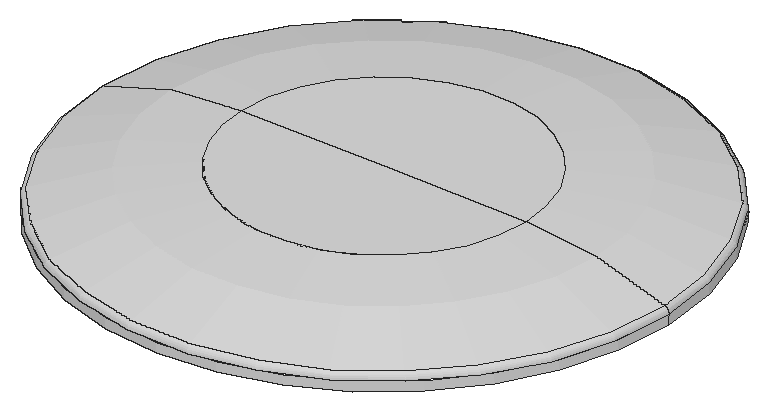
Revit family "Reece_Bath_Omvivo_Villa_Freestanding Bath_1725 mm", category Plumbing Fixtures, Revit 2018
Family settings
  Round Connector Dimension = Use Diameter
  Part Type = Normal
  Work Plane-Based = Yes
  Always vertical = Yes
  Cut with Voids When Loaded = Yes
  Shared = Yes
  Room Calculation Point = Yes
Parameters (values of type "1725 mm_380 ltr_Cove Grey")
  URL = "https://www.reece.com.au/product/-1967639"
  Type Comments = "Bath"
  Reece_Product_Web Page = "https://www.reece.com.au/product/-1967639"
  Reece_Product_Type = "Bath"  # constant formula
  Reece_Product_Sub Brand = "Villa"  # constant formula
  Reece_Product_Number = "1967639"
  Reece_Product_Mount = "Floor Mounted"
  Reece_Product_Description = "Omvivo Villa Freestanding Bath 1725 x 820 Cove Grey"
  Reece_Product_Brand = "Omvivo"  # constant formula
  Reece_Overall_Width = 820 mm  # constant formula
  Reece_Overall_Length = 1725 mm  # constant formula
  Reece_Overall_Height = 550 mm  # constant formula
  Reece_Overall_Capacity = 380.0 L  # constant formula
  Reece_Material_Secondary = Reece_Brass_Chrome
  Reece_Material_Main = Reece_Cast_Solid_Surface_Cove Grey
  Reece_Detail_Material = "Solid Surface"  # constant formula
  Reece_Detail_Installation = "Freestanding Bath"  # constant formula
  Reece_Detail_Disclaimer = "THIS FILE IS THE PROPERTY OF THE REECE GROUP. IT MAY NOT BE REPRODUCED, REVERSE-ENGINEERED OR MODIFIED. ANY REPUBLICATION, TRANSMISSION OR DISTRIBUTION FOR THE PURPOSE OF COMMERCIALLY EXPLOITING THE FILES IS PROHIBITED."  # constant formula
  Reece_Detail_Additional = "Overflow"  # constant formula
  Reece_Bath_Outlet = 40 mm  # constant formula
  Model = "Villa"
  Manufacturer = "Omvivo"
  Keynote = "Product #1967639, Reece_Bath_Omvivo_Villa_Freestanding Bath_1725 mm - 1725 mm_380 ltr_Cove Grey"
  Disclaimer = "THIS FILE IS THE PROPERTY OF THE REECE GROUP. IT MAY NOT BE REPRODUCED, REVERSE-ENGINEERED OR MODIFIED. ANY REPUBLICATION, TRANSMISSION OR DISTRIBUTION FOR THE PURPOSE OF COMMERCIALLY EXPLOITING THE FILES IS PROHIBITED."  # constant formula
  Description = "Omvivo Villa Freestanding Bath 1725 x 820 Cove Grey"
  Default Elevation = 0 mm
Types (3, lengths in mm): name | URL | Reece_Product_Web Page | Reece_Product_Number | Reece_Product_Description | Reece_Material_Main | Keynote | Description
  (no name) | "https://www.reece.com.au/product/-1967639" | "https://www.reece.com.au/product/-1967639" | "1967639" | "Omvivo Villa Freestanding Bath 1725 x 820 Cove Grey" | Reece_Cast_Solid_Surface_Cove Grey | "Product #1967639, Reece_Bath_Omvivo_Villa_Freestanding Bath_1725 mm -  " | "Omvivo Villa Freestanding Bath 1725 x 820 Cove Grey"
  1725 mm_380 ltr_White Haven | "https://www.reece.com.au/product/-1967635" | "https://www.reece.com.au/product/-1967635" | "1967635" | "Omvivo Villa Freestanding Bath 1725 x 820 White Haven" | Reece_Cast_Solid_Surface_White Haven | "Product #1967635, Reece_Bath_Omvivo_Villa_Freestanding Bath_1725 mm - 1725 mm_380 ltr_White Haven" | "Omvivo Villa Freestanding Bath 1725 x 820 White Haven"
  1725 mm_380 ltr_Cove Grey | "https://www.reece.com.au/product/-1967639" | "https://www.reece.com.au/product/-1967639" | "1967639" | "Omvivo Villa Freestanding Bath 1725 x 820 Cove Grey" | Reece_Cast_Solid_Surface_Cove Grey | "Product #1967639, Reece_Bath_Omvivo_Villa_Freestanding Bath_1725 mm - 1725 mm_380 ltr_Cove Grey" | "Omvivo Villa Freestanding Bath 1725 x 820 Cove Grey"
Reference planes
  plane 1 "Center (Front/Back)": y = 0
  plane 2 "Bottom Host Plane": z = 0
  plane 3 "Center (Left/Right)": x = 0
  plane 4: x = -862.5
  plane 5: y = 410
  plane 6: y = -410
  plane 7: x = 862.5
  plane 8: z = 550
Forms (mm)
  Revolve 1, solid, material "Reece_Brass_Chrome" <- "Reece_Material_Secondary"
    sketch origin (0, 0, 0) x (1, 0, 0) y (0, 0, 1)
      loop
        line (-25, 130) -> (-22.182, 127.183) -> (0, 127.183) -> (0, 128.183) -> (-21.768, 128.183) -> (-24.585, 131) -> (-27.315, 131) -> (-27.315, 130) -> (-25, 130)
      loop
        line (-40, 131.663) -> (0, 131.663) -> (0, 137.638) -> (-20, 137.638)
        arc (-20, 137.638) -> (-29.862, 136.7) -> (-39.37, 133.918) r 52.295
        arc (-39.37, 133.918) -> (-39.828, 133.551) -> (-40, 132.99) r 1
        line (-40, 132.99) -> (-40, 131.663)
      axis (0, 137.638) -> (0, 127.183)
    angle from 0 to 360
Lines and regions (mm)
  symbolic lines, style "PlumbingFixtures"
    curve 1: line (635, 0, 0) -> (-635, 0, 0)
    curve 2: line (-635, 0, 0) -> (635, 0, 0)
Text (mm)
  text "Reece ©" at (3171.933, -1832.76, 3012.119), in view "Reece Preview"
  text "Reece Copyright © 2018, Reece Ltd." at (-1230.667, -549.313, 0), in view "Ref. Level"
Dimensions and locks
  "Reece_Overall_Height": plane 8 to plane 2 "Bottom Host Plane"
  "Reece_Overall_Width": plane 5 to plane 8
  equal spacing: plane 6, plane 1 "Center (Front/Back)", plane 5
  "Reece_Overall_Width": plane 6 to plane 5
  equal spacing: plane 4, plane 3 "Center (Left/Right)", plane 7
  "Reece_Overall_Length": plane 4 to plane 7
  "Reece_Overall_Length": free form element to plane 4
Automatic sketch dimensions
  Revolve 1 sketch curve to plane 3 "Center (Left/Right)" = 40 mm
  Revolve 1 sketch curve to Revolve 1 sketch curve = 1 mm  (x3)
  Revolve 1 sketch curve to Revolve 1 sketch curve = 11.685 mm
  Revolve 1 sketch curve to Revolve 1 sketch curve = 2.315 mm
  Revolve 1 sketch curve to Revolve 1 sketch curve = 0.414 mm  (x2)
  Revolve 1 sketch curve to Revolve 1 sketch curve = 2.817 mm
  Revolve 1 sketch curve to Revolve 1 sketch curve = 2.182 mm
  Revolve 1 sketch curve to Revolve 1 sketch curve = 20 mm  (x2)
  Revolve 1 sketch curve to Revolve 1 sketch curve = 0 mm
  level to Revolve 1 sketch curve = 85.343 mm
  Revolve 1 sketch curve to Revolve 1 sketch curve = 41.84 mm
  Revolve 1 sketch curve to Revolve 1 sketch curve = 1.817 mm
  Revolve 1 sketch curve to Revolve 1 sketch curve = 3.48 mm
  Revolve 1 sketch curve to Revolve 1 sketch curve = 1.327 mm
  Revolve 1 sketch curve to Revolve 1 sketch curve = 6.638 mm
  Revolve 1 sketch curve to Revolve 1 sketch curve = 6.992 mm
  Revolve 1 sketch curve to Revolve 1 sketch curve = 19.697 mm
  plane 1 "Center (Front/Back)" to curve 1 = 0 mm
  plane 1 "Center (Front/Back)" to curve 2 = 0 mm
  plane 4 to curve 1 = 227.5 mm
  plane 7 to curve 1 = 227.5 mm
  curve 2 to curve 1 = 0 mm  (x2)
Connectors
  piping at (0, 0, 70), diameter 40, driven by "Reece_Bath_Outlet"
    settings: on free form element, index 1, connector inside diameter 609.6 mm, connector length 0 mm, flow factor 0, pipe flow 0.0 L/s, pressure drop 0.0 Pa, fitting loss kfactor 0, connector angle 0.00°, fixture units 0, engagement length 0 mm, angle of deflection 0.00°, flow configuration 0, flow direction 2, fitting loss method 0, system type 16, joint type 0, gender type 0, connector reference index -1, connector utility 0, adjustable connector no, is connector primary yes, connector description ""
